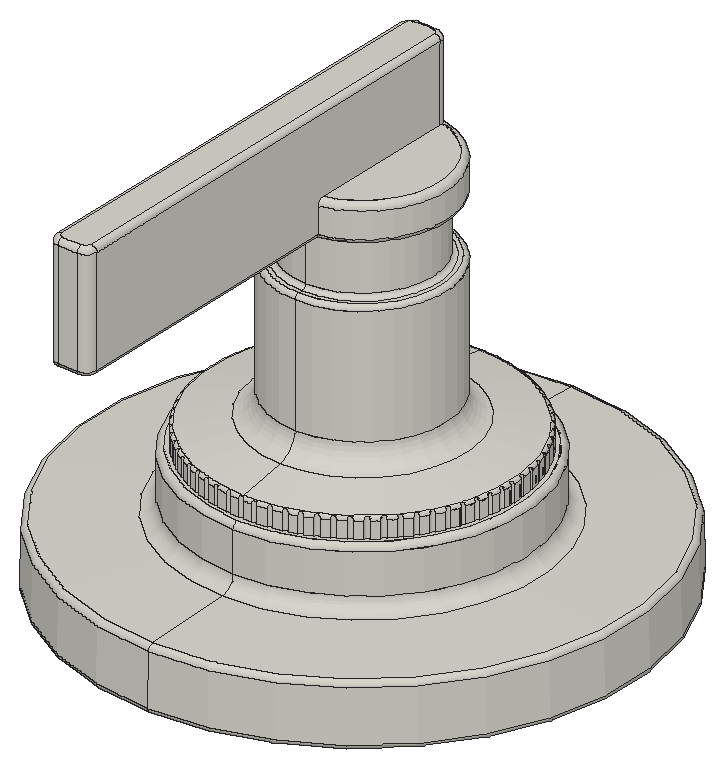
Revit family "Shower-Valve_Trim-KOHLER-Castia-K-T35921", category Specialty Equipment, host Face, Revit 2021
Family settings
  Host = Face
  Round Connector Dimension = Use Diameter
  Part Type = Normal
  OmniClass Number = 23.31.25.00
  OmniClass Title = Toilet and Bath Specialties
  Cut with Voids When Loaded = No
  Shared = No
  Room Calculation Point = No
Parameters (values of type "SN-Vibrant Polished Nickel")
  Width = 3 255/256"  # constant formula
  WaterSense Certified = 1 = 0  # no
  URL = "https://www.us.kohler.com/us/"
  Type = 5
  Product Page URL = "http://www.us.kohler.com/us/catalog/productDetails.jsp?productId=35921-4"
  Product Name = "Castia"  # constant formula
  Product Documentation Link = "https://www.us.kohler.com/webassets/kpna/catalog/pdf/en/K-35921-4_spec_US-CA_Kohler_en.pdf"
  Model = if(Type = 1, "K-T35921-4-CP", if(Type = 2, "K-T35921-4-BN", if(Type = 3, "K-T35921-4-BL", if(Type = 4, "K-T35921-4-2MB", if(Type = 5, "K-T35921-4-SN", "NA")))))  # "K-T35921-4-SN"
  Material = "Premium Metal Construction"  # constant formula
  Master Format 2014 Name = "Toilet, Bath, and Laundry Accessories"  # constant formula
  Master Format 2014 = "10 28 00"  # constant formula
  Manufacturer Address = "444 Highland Dr, Kohler, WI 53044"  # constant formula
  Manufacturer = "Kohler Co."  # constant formula
  Length = 3.47677"  # constant formula
  Height = 4 3/4"  # constant formula
  Handle Clearance = 2.83146"  # constant formula
  Finish = Kohler-Metal-SN-Vibrant_Polished_Nickel
  Environmental Product Declaration = ""
  Description = "Transfer/ Diverter Trim"  # constant formula
  Default Elevation = 42"
  Declare Label = ""
  Date Modified = "03/29/2023"  # constant formula
  Date Created = "03/29/2023"  # constant formula
  Copyright = "Copyright Kohler Co."  # constant formula
  Contact Us = "https://www.us.kohler.com/us/static/contact.jsp"
  Assembly Code = "C1030200"
  ADA Compliant = 1 = 0  # no
Reference planes (in)
  plane 1 "Center (Front/Back)": y = 0
  plane 2: z = 0
  plane 3 "Center (Left/Right)": x = 0
  plane 4: y = 1.99941
  plane 5: y = -1.99941
  plane 6: x = -1.99787
  plane 7: x = 1.99822
  plane 8: x = 0.15
  plane 9: x = -0.15
  plane 10: y = -0.62539
  plane 11: x = -0.62539
  plane 12: x = 0.62539
  plane 13: y = 0.18041
  plane 14: x = 0.5252
  plane 15: x = -0.5252
  plane 16: y = 0.08144
  plane 17: z = 3.0472
  plane 18: z = 0.9252
  plane 19: y = -0.5252
  plane 20: y = 0.5252
  plane 21: y = 1.1976
  plane 22: y = -1.1976
  plane 23: y = -2.75002
  plane 24: z = 3.47677
  plane 25: y = 0.6252
  plane 26: z = 2.61961
Dimensions and locks (in)
  "Width": plane 6 to plane 7
  plane 4 to plane 5 = 3.99882"  (x2)
  level to plane 18 = 0.9252"  (x2)
  plane 3 "Center (Left/Right)" to plane 6 = 1.99787"
  plane 6 to plane 7 = 3 255/256"
  plane 9 to plane 8 = 0.3"  (x2)
  plane 11 to plane 12 = 1.25079"
  plane 22 to plane 21 = 2.39519"
  "Handle Clearance": plane 16 to plane 23
  "Length": level to plane 24
  aligned and locked: plane 2 to host face
  aligned and locked: level to host face
  aligned and locked: plane 3 "Center (Left/Right)" to nested 1
  aligned and locked: plane 1 "Center (Front/Back)" to nested 1
Automatic sketch dimensions
  host sketch curve to host sketch curve = 96"  (x2)
Nested families (in)
  nested 1: "K-T35921" at (0, 0, 0), type "K-T35921"
Definition of nested family "K-T35921"
  Parameters
    Material = none
    Default Elevation = 0"
  Reference planes (in)
    plane 1 "Center (Front/Back)": y = 0
    plane 2: z = 0
    plane 3 "Center (Left/Right)": x = 0
    plane 4: x = -1.99941
    plane 5: x = 1.99941
    plane 6: y = 1.99941
    plane 7: y = -1.99941
    plane 8: z = 3.47677
    plane 9: x = -0.62539
    plane 10: x = 0.62539
    plane 11: x = 0.625
    plane 12: x = -0.625
    plane 13: x = -0.15
    plane 14: x = 0.15
    plane 15: x = -0.5252
    plane 16: x = 0.5252
    plane 17: y = -2.75
    plane 18: z = 2.61961
    plane 19: y = 0.6252
    plane 20: y = 0.5252
    plane 21: y = -0.5252
    plane 22: y = -0.62539
    plane 23: z = 0.9252
    plane 24: y = 0.18041
    plane 25: y = 0.08041
    plane 26: y = -1.99941
  Forms (in)
    Revolve 1, solid, material <- "Material", detail levels medium+fine
      sketch origin (0, 0, 0) x (0, 1, 0) y (0, 0, 1)
        loop
          line (1.99883, 0.03343) -> (1.99223, 0.41235)
          arc (1.99223, 0.41235) -> (1.98033, 0.44089) -> (1.9521, 0.45353) r 0.04195
          line (1.9521, 0.45353) -> (1.3039, 0.48163)
          arc (1.3039, 0.48163) -> (1.23335, 0.51357) -> (1.20449, 0.58543) r 0.1039
          line (1.20449, 0.58543) -> (1.20449, 0.88087)
          arc (1.20449, 0.88087) -> (1.19154, 0.91215) -> (1.16026, 0.9251) r 0.04423
          line (1.16026, 0.9251) -> (1.12467, 0.9251) -> (1.12467, 1.04575)
          arc (1.12467, 1.04575) -> (1.11914, 1.06093) -> (1.10515, 1.06901) r 0.02362
          line (1.10515, 1.06901) -> (0.76189, 1.12953)
          arc (0.76189, 1.12953) -> (0.6639, 1.18611) -> (0.6252, 1.29244) r 0.16542
          line (0.6252, 1.29244) -> (0.6252, 2.16493)
          arc (0.6252, 2.16493) -> (0.61551, 2.18831) -> (0.59212, 2.198) r 0.03307
          line (0.59212, 2.198) -> (0.55845, 2.198)
          arc (0.55845, 2.198) -> (0.53494, 2.20774) -> (0.5252, 2.23126) r 0.03326
          line (0.5252, 2.23126) -> (0.5252, 2.57232)
          arc (0.5252, 2.57232) -> (0.51848, 2.58855) -> (0.50225, 2.59527) r 0.02295
          line (0.50225, 2.59527) -> (0.4055, 2.59527) -> (0.3797, 2.62106) -> (0.60126, 2.62106)
          arc (0.60126, 2.62106) -> (0.61819, 2.62807) -> (0.6252, 2.645) r 0.02394
          line (0.6252, 2.645) -> (0.6252, 2.83713)
          arc (0.6252, 2.83713) -> (0.61175, 2.8696) -> (0.57928, 2.88305) r 0.04592
          line (0.57928, 2.88305) -> (0, 2.88305) -> (0, 0) -> (1.96597, 0)
          arc (1.96597, 0) -> (1.98941, 0.00983) -> (1.99883, 0.03343) r 0.03286
        axis (0, 2.88305) -> (0, 0)
      angle from 0 to 360
    Sweep 2, solid, material <- "Material", detail levels medium+fine
      path origin (0, -0.00431, -0.88925) x (1, 0, 0) y (0, 1, 0)
        loop
          line (-0.15, 0.54178) -> (-0.15, -2.66496)
          arc (-0.15, -2.66496) -> (-0.12694, -2.72064) -> (-0.07126, -2.7437) r 0.07874
          line (-0.07126, -2.7437) -> (0.07126, -2.7437)
          arc (0.07126, -2.7437) -> (0.12694, -2.72064) -> (0.15, -2.66496) r 0.07874
          line (0.15, -2.66496) -> (0.15, 0.54178)
          arc (0.15, 0.54178) -> (0.13061, 0.59352) -> (0.08199, 0.61978) r 0.07874
          arc (0.08199, 0.61978) -> (0, 0.62539) -> (-0.08199, 0.61978) r 0.60187
          arc (-0.08199, 0.61978) -> (-0.13061, 0.59352) -> (-0.15, 0.54178) r 0.07874
      profile origin (0, 0.62108, -0.88925) x (0, 1, 0) y (0, 0, 1)
        loop
          line (0, 3.53194) -> (0, 4.32332)
          arc (0, 4.32332) -> (-0.01153, 4.35116) -> (-0.03937, 4.36269) r 0.03937
          line (-0.03937, 4.36269) -> (-0.07611, 4.36269) -> (-0.07611, 3.51142) -> (-0.02052, 3.51142)
          arc (-0.02052, 3.51142) -> (-0.00601, 3.51743) -> (0, 3.53194) r 0.02052
    Extrusion 3, solid, material <- "Material", detail levels medium+fine
      sketch origin (0, -0.00431, -0.88925) x (1, 0, 0) y (0, 1, 0)
        loop
          arc (0.07389, 0.54407) -> (0, 0.54929) -> (-0.07389, 0.54407) r 0.52577
          line (-0.07389, 0.54407) -> (-0.07389, -2.6676) -> (0.07389, -2.6676) -> (0.07389, 0.54407)
      from 3.51142 to 4.36269
    Extrusion 4, void
      sketch origin (0, 0.00308, 0) x (1, 0, 0) y (0, 1, 0)
        loop
          circle (-0.00351, 1.12781) r 0.01969
      from 0.9251 to 1.26833
    Extrusion 5, void
      sketch origin (-0.00027, 0.00306, 0) x (0.996195, 0.087156, 0) y (-0.087156, 0.996195, 0)
        loop
          circle (-0.00351, 1.12781) r 0.01969
      from 0.9251 to 1.26833
    Extrusion 6, void
      sketch origin (-0.00053, 0.00303, 0) x (0.984808, 0.173648, 0) y (-0.173648, 0.984808, 0)
        loop
          circle (-0.00351, 1.12781) r 0.01969
      from 0.9251 to 1.26833
    Extrusion 7, void
      sketch origin (-0.0008, 0.00297, 0) x (0.965926, 0.258819, 0) y (-0.258819, 0.965926, 0)
        loop
          circle (-0.00351, 1.12781) r 0.01969
      from 0.9251 to 1.26833
    Extrusion 8, void
      sketch origin (-0.00105, 0.00289, 0) x (0.939693, 0.34202, 0) y (-0.34202, 0.939693, 0)
        loop
          circle (-0.00351, 1.12781) r 0.01969
      from 0.9251 to 1.26833
    Extrusion 9, void
      sketch origin (-0.0013, 0.00279, 0) x (0.906308, 0.422618, 0) y (-0.422618, 0.906308, 0)
        loop
          circle (-0.00351, 1.12781) r 0.01969
      from 0.9251 to 1.26833
    Extrusion 10, void
      sketch origin (-0.00154, 0.00266, 0) x (0.866025, 0.5, 0) y (-0.5, 0.866025, 0)
        loop
          circle (-0.00351, 1.12781) r 0.01969
      from 0.9251 to 1.26833
    Extrusion 11, void
      sketch origin (-0.00176, 0.00252, 0) x (0.819152, 0.573576, 0) y (-0.573576, 0.819152, 0)
        loop
          circle (-0.00351, 1.12781) r 0.01969
      from 0.9251 to 1.26833
    Extrusion 12, void
      sketch origin (-0.00198, 0.00236, 0) x (0.766044, 0.642788, 0) y (-0.642788, 0.766044, 0)
        loop
          circle (-0.00351, 1.12781) r 0.01969
      from 0.9251 to 1.26833
    Extrusion 13, void
      sketch origin (-0.00217, 0.00217, 0) x (0.707107, 0.707107, 0) y (-0.707107, 0.707107, 0)
        loop
          circle (-0.00351, 1.12781) r 0.01969
      from 0.9251 to 1.26833
    Extrusion 14, void
      sketch origin (-0.00236, 0.00198, 0) x (0.642788, 0.766044, 0) y (-0.766044, 0.642788, 0)
        loop
          circle (-0.00351, 1.12781) r 0.01969
      from 0.9251 to 1.26833
    Extrusion 15, void
      sketch origin (-0.00252, 0.00176, 0) x (0.573576, 0.819152, 0) y (-0.819152, 0.573576, 0)
        loop
          circle (-0.00351, 1.12781) r 0.01969
      from 0.9251 to 1.26833
    Extrusion 16, void
      sketch origin (-0.00266, 0.00154, 0) x (0.5, 0.866025, 0) y (-0.866025, 0.5, 0)
        loop
          circle (-0.00351, 1.12781) r 0.01969
      from 0.9251 to 1.26833
    Extrusion 17, void
      sketch origin (-0.00279, 0.0013, 0) x (0.422618, 0.906308, 0) y (-0.906308, 0.422618, 0)
        loop
          circle (-0.00351, 1.12781) r 0.01969
      from 0.9251 to 1.26833
    Extrusion 18, void
      sketch origin (-0.00289, 0.00105, 0) x (0.34202, 0.939693, 0) y (-0.939693, 0.34202, 0)
        loop
          circle (-0.00351, 1.12781) r 0.01969
      from 0.9251 to 1.26833
    Extrusion 19, void
      sketch origin (-0.00297, 0.0008, 0) x (0.258819, 0.965926, 0) y (-0.965926, 0.258819, 0)
        loop
          circle (-0.00351, 1.12781) r 0.01969
      from 0.9251 to 1.26833
    Extrusion 20, void
      sketch origin (-0.00303, 0.00053, 0) x (0.173648, 0.984808, 0) y (-0.984808, 0.173648, 0)
        loop
          circle (-0.00351, 1.12781) r 0.01969
      from 0.9251 to 1.26833
    Extrusion 21, void
      sketch origin (-0.00306, 0.00027, 0) x (0.087156, 0.996195, 0) y (-0.996195, 0.087156, 0)
        loop
          circle (-0.00351, 1.12781) r 0.01969
      from 0.9251 to 1.26833
    Extrusion 22, void
      sketch origin (-0.00308, 0, 0) x (0, 1, 0) y (-1, 0, 0)
        loop
          circle (-0.00351, 1.12781) r 0.01969
      from 0.9251 to 1.26833
    Extrusion 23, void
      sketch origin (0.00027, 0.00306, 0) x (-0.996195, 0.087156, 0) y (-0.087156, -0.996195, 0)
        loop
          circle (-0.00351, -1.12781) r 0.01969
      from 0.9251 to 1.26833
    Extrusion 24, void
      sketch origin (0.00053, 0.00303, 0) x (-0.984808, 0.173648, 0) y (-0.173648, -0.984808, 0)
        loop
          circle (-0.00351, -1.12781) r 0.01969
      from 0.9251 to 1.26833
    Extrusion 25, void
      sketch origin (0.0008, 0.00297, 0) x (-0.965926, 0.258819, 0) y (-0.258819, -0.965926, 0)
        loop
          circle (-0.00351, -1.12781) r 0.01969
      from 0.9251 to 1.26833
    Extrusion 26, void
      sketch origin (0.00105, 0.00289, 0) x (-0.939693, 0.34202, 0) y (-0.34202, -0.939693, 0)
        loop
          circle (-0.00351, -1.12781) r 0.01969
      from 0.9251 to 1.26833
    Extrusion 27, void
      sketch origin (0.0013, 0.00279, 0) x (-0.906308, 0.422618, 0) y (-0.422618, -0.906308, 0)
        loop
          circle (-0.00351, -1.12781) r 0.01969
      from 0.9251 to 1.26833
    Extrusion 28, void
      sketch origin (0.00154, 0.00266, 0) x (-0.866025, 0.5, 0) y (-0.5, -0.866025, 0)
        loop
          circle (-0.00351, -1.12781) r 0.01969
      from 0.9251 to 1.26833
    Extrusion 29, void
      sketch origin (0.00176, 0.00252, 0) x (-0.819152, 0.573576, 0) y (-0.573576, -0.819152, 0)
        loop
          circle (-0.00351, -1.12781) r 0.01969
      from 0.9251 to 1.26833
    Extrusion 30, void
      sketch origin (0.00198, 0.00236, 0) x (-0.766044, 0.642788, 0) y (-0.642788, -0.766044, 0)
        loop
          circle (-0.00351, -1.12781) r 0.01969
      from 0.9251 to 1.26833
    Extrusion 31, void
      sketch origin (0.00217, 0.00217, 0) x (-0.707107, 0.707107, 0) y (-0.707107, -0.707107, 0)
        loop
          circle (-0.00351, -1.12781) r 0.01969
      from 0.9251 to 1.26833
    Extrusion 32, void
      sketch origin (0.00236, 0.00198, 0) x (-0.642788, 0.766044, 0) y (-0.766044, -0.642788, 0)
        loop
          circle (-0.00351, -1.12781) r 0.01969
      from 0.9251 to 1.26833
    Extrusion 33, void
      sketch origin (0.00252, 0.00176, 0) x (-0.573576, 0.819152, 0) y (-0.819152, -0.573576, 0)
        loop
          circle (-0.00351, -1.12781) r 0.01969
      from 0.9251 to 1.26833
    Extrusion 34, void
      sketch origin (0.00266, 0.00154, 0) x (-0.5, 0.866025, 0) y (-0.866025, -0.5, 0)
        loop
          circle (-0.00351, -1.12781) r 0.01969
      from 0.9251 to 1.26833
    Extrusion 35, void
      sketch origin (0.00279, 0.0013, 0) x (-0.422618, 0.906308, 0) y (-0.906308, -0.422618, 0)
        loop
          circle (-0.00351, -1.12781) r 0.01969
      from 0.9251 to 1.26833
    Extrusion 36, void
      sketch origin (0.00289, 0.00105, 0) x (-0.34202, 0.939693, 0) y (-0.939693, -0.34202, 0)
        loop
          circle (-0.00351, -1.12781) r 0.01969
      from 0.9251 to 1.26833
    Extrusion 37, void
      sketch origin (0.00297, 0.0008, 0) x (-0.258819, 0.965926, 0) y (-0.965926, -0.258819, 0)
        loop
          circle (-0.00351, -1.12781) r 0.01969
      from 0.9251 to 1.26833
    Extrusion 38, void
      sketch origin (0.00303, 0.00053, 0) x (-0.173648, 0.984808, 0) y (-0.984808, -0.173648, 0)
        loop
          circle (-0.00351, -1.12781) r 0.01969
      from 0.9251 to 1.26833
    Extrusion 39, void
      sketch origin (0.00306, 0.00027, 0) x (-0.087156, 0.996195, 0) y (-0.996195, -0.087156, 0)
        loop
          circle (-0.00351, -1.12781) r 0.01969
      from 0.9251 to 1.26833
    Extrusion 40, void
      sketch origin (0.00308, 0, 0) x (0, 1, 0) y (-1, 0, 0)
        loop
          circle (-0.00351, -1.12781) r 0.01969
      from 0.9251 to 1.26833
    Extrusion 41, void
      sketch origin (0, -0.00308, 0) x (1, 0, 0) y (0, 1, 0)
        loop
          circle (-0.00351, -1.12781) r 0.01969
      from 0.9251 to 1.26833
    Extrusion 42, void
      sketch origin (-0.00027, -0.00306, 0) x (0.996195, -0.087156, 0) y (0.087156, 0.996195, 0)
        loop
          circle (-0.00351, -1.12781) r 0.01969
      from 0.9251 to 1.26833
    Extrusion 43, void
      sketch origin (-0.0013, -0.00279, 0) x (0.906308, -0.422618, 0) y (0.422618, 0.906308, 0)
        loop
          circle (-0.00351, -1.12781) r 0.01969
      from 0.9251 to 1.26833
    Extrusion 44, void
      sketch origin (-0.00154, -0.00266, 0) x (0.866025, -0.5, 0) y (0.5, 0.866025, 0)
        loop
          circle (-0.00351, -1.12781) r 0.01969
      from 0.9251 to 1.26833
    Extrusion 45, void
      sketch origin (-0.00176, -0.00252, 0) x (0.819152, -0.573576, 0) y (0.573576, 0.819152, 0)
        loop
          circle (-0.00351, -1.12781) r 0.01969
      from 0.9251 to 1.26833
    Extrusion 46, void
      sketch origin (-0.00198, -0.00236, 0) x (0.766044, -0.642788, 0) y (0.642788, 0.766044, 0)
        loop
          circle (-0.00351, -1.12781) r 0.01969
      from 0.9251 to 1.26833
    Extrusion 47, void
      sketch origin (-0.00217, -0.00217, 0) x (0.707107, -0.707107, 0) y (0.707107, 0.707107, 0)
        loop
          circle (-0.00351, -1.12781) r 0.01969
      from 0.9251 to 1.26833
    Extrusion 48, void
      sketch origin (-0.00236, -0.00198, 0) x (0.642788, -0.766044, 0) y (0.766044, 0.642788, 0)
        loop
          circle (-0.00351, -1.12781) r 0.01969
      from 0.9251 to 1.26833
    Extrusion 49, void
      sketch origin (-0.00252, -0.00176, 0) x (0.573576, -0.819152, 0) y (0.819152, 0.573576, 0)
        loop
          circle (-0.00351, -1.12781) r 0.01969
      from 0.9251 to 1.26833
    Extrusion 50, void
      sketch origin (-0.00266, -0.00154, 0) x (0.5, -0.866025, 0) y (0.866025, 0.5, 0)
        loop
          circle (-0.00351, -1.12781) r 0.01969
      from 0.9251 to 1.26833
    Extrusion 51, void
      sketch origin (-0.00279, -0.0013, 0) x (0.422618, -0.906308, 0) y (0.906308, 0.422618, 0)
        loop
          circle (-0.00351, -1.12781) r 0.01969
      from 0.9251 to 1.26833
    Extrusion 52, void
      sketch origin (-0.00289, -0.00105, 0) x (0.34202, -0.939693, 0) y (0.939693, 0.34202, 0)
        loop
          circle (-0.00351, -1.12781) r 0.01969
      from 0.9251 to 1.26833
    Extrusion 53, void
      sketch origin (-0.00297, -0.0008, 0) x (0.258819, -0.965926, 0) y (0.965926, 0.258819, 0)
        loop
          circle (-0.00351, -1.12781) r 0.01969
      from 0.9251 to 1.26833
    Extrusion 54, void
      sketch origin (-0.00303, -0.00053, 0) x (0.173648, -0.984808, 0) y (0.984808, 0.173648, 0)
        loop
          circle (-0.00351, -1.12781) r 0.01969
      from 0.9251 to 1.26833
    Extrusion 55, void
      sketch origin (-0.00306, -0.00027, 0) x (0.087156, -0.996195, 0) y (0.996195, 0.087156, 0)
        loop
          circle (-0.00351, -1.12781) r 0.01969
      from 0.9251 to 1.26833
    Extrusion 56, void
      sketch origin (0.00053, -0.00303, 0) x (-0.984808, -0.173648, 0) y (0.173648, -0.984808, 0)
        loop
          circle (-0.00351, 1.12781) r 0.01969
      from 0.9251 to 1.26833
    Extrusion 57, void
      sketch origin (0.0008, -0.00297, 0) x (-0.965926, -0.258819, 0) y (0.258819, -0.965926, 0)
        loop
          circle (-0.00351, 1.12781) r 0.01969
      from 0.9251 to 1.26833
    Extrusion 58, void
      sketch origin (0.00105, -0.00289, 0) x (-0.939693, -0.34202, 0) y (0.34202, -0.939693, 0)
        loop
          circle (-0.00351, 1.12781) r 0.01969
      from 0.9251 to 1.26833
    Extrusion 59, void
      sketch origin (0.0013, -0.00279, 0) x (-0.906308, -0.422618, 0) y (0.422618, -0.906308, 0)
        loop
          circle (-0.00351, 1.12781) r 0.01969
      from 0.9251 to 1.26833
    Extrusion 60, void
      sketch origin (0.00154, -0.00266, 0) x (-0.866025, -0.5, 0) y (0.5, -0.866025, 0)
        loop
          circle (-0.00351, 1.12781) r 0.01969
      from 0.9251 to 1.26833
    Extrusion 61, void
      sketch origin (0.00176, -0.00252, 0) x (-0.819152, -0.573576, 0) y (0.573576, -0.819152, 0)
        loop
          circle (-0.00351, 1.12781) r 0.01969
      from 0.9251 to 1.26833
    Extrusion 62, void
      sketch origin (0.00198, -0.00236, 0) x (-0.766044, -0.642788, 0) y (0.642788, -0.766044, 0)
        loop
          circle (-0.00351, 1.12781) r 0.01969
      from 0.9251 to 1.26833
    Extrusion 63, void
      sketch origin (0.00217, -0.00217, 0) x (-0.707107, -0.707107, 0) y (0.707107, -0.707107, 0)
        loop
          circle (-0.00351, 1.12781) r 0.01969
      from 0.9251 to 1.26833
    Extrusion 64, void
      sketch origin (0.00236, -0.00198, 0) x (-0.642788, -0.766044, 0) y (0.766044, -0.642788, 0)
        loop
          circle (-0.00351, 1.12781) r 0.01969
      from 0.9251 to 1.26833
    Extrusion 65, void
      sketch origin (0.00252, -0.00176, 0) x (-0.573576, -0.819152, 0) y (0.819152, -0.573576, 0)
        loop
          circle (-0.00351, 1.12781) r 0.01969
      from 0.9251 to 1.26833
    Extrusion 66, void
      sketch origin (0.00266, -0.00154, 0) x (-0.5, -0.866025, 0) y (0.866025, -0.5, 0)
        loop
          circle (-0.00351, 1.12781) r 0.01969
      from 0.9251 to 1.26833
    Extrusion 67, void
      sketch origin (0.00279, -0.0013, 0) x (-0.422618, -0.906308, 0) y (0.906308, -0.422618, 0)
        loop
          circle (-0.00351, 1.12781) r 0.01969
      from 0.9251 to 1.26833
    Extrusion 68, void
      sketch origin (0.00289, -0.00105, 0) x (-0.34202, -0.939693, 0) y (0.939693, -0.34202, 0)
        loop
          circle (-0.00351, 1.12781) r 0.01969
      from 0.9251 to 1.26833
    Extrusion 69, void
      sketch origin (0.00297, -0.0008, 0) x (-0.258819, -0.965926, 0) y (0.965926, -0.258819, 0)
        loop
          circle (-0.00351, 1.12781) r 0.01969
      from 0.9251 to 1.26833
    Extrusion 70, void
      sketch origin (0.00303, -0.00053, 0) x (-0.173648, -0.984808, 0) y (0.984808, -0.173648, 0)
        loop
          circle (-0.00351, 1.12781) r 0.01969
      from 0.9251 to 1.26833
    Extrusion 71, void
      sketch origin (0.00306, -0.00027, 0) x (-0.087156, -0.996195, 0) y (0.996195, -0.087156, 0)
        loop
          circle (-0.00351, 1.12781) r 0.01969
      from 0.9251 to 1.26833
    Extrusion 72, void
      sketch origin (-0.0008, -0.00297, 0) x (0.965926, -0.258819, 0) y (0.258819, 0.965926, 0)
        loop
          circle (-0.00351, -1.12781) r 0.01969
      from 0.9251 to 1.26833
    Extrusion 73, void
      sketch origin (-0.00105, -0.00289, 0) x (0.939693, -0.34202, 0) y (0.34202, 0.939693, 0)
        loop
          circle (-0.00351, -1.12781) r 0.01969
      from 0.9251 to 1.26833
    Extrusion 74, void
      sketch origin (0.09413, -0.00308, 0) x (1, 0, 0) y (0, 1, 0)
        loop
          circle (-0.00351, -1.12781) r 0.01969
      from 0.9251 to 1.26833
    Extrusion 75, void
      sketch origin (0.08713, -0.02682, 0) x (0.965926, -0.258819, 0) y (0.258819, 0.965926, 0)
        loop
          circle (-0.00351, -1.12781) r 0.01969
      from 0.9251 to 1.26833
    Revolve 76, solid, material <- "Material", detail levels coarse
      sketch origin (0, 0, 0) x (0, 1, 0) y (0, 0, 1)
        loop
          line (0, 0) -> (1.99941, 0) -> (1.99941, 0.41952)
          arc (1.99941, 0.41952) -> (1.98113, 0.46365) -> (1.93701, 0.48192) r 0.0624
          line (1.93701, 0.48192) -> (1.30887, 0.48192)
          arc (1.30887, 0.48192) -> (1.23019, 0.51452) -> (1.1976, 0.5932) r 0.11128
          line (1.1976, 0.5932) -> (1.1976, 0.90672)
          arc (1.1976, 0.90672) -> (1.18943, 0.92643) -> (1.16972, 0.9346) r 0.02788
          line (1.16972, 0.9346) -> (1.13686, 0.9346) -> (1.13686, 1.09755)
          arc (1.13686, 1.09755) -> (1.12693, 1.12152) -> (1.10296, 1.13145) r 0.0339
          line (1.10296, 1.13145) -> (0.78026, 1.13145)
          arc (0.78026, 1.13145) -> (0.67061, 1.17687) -> (0.6252, 1.28651) r 0.15506
          line (0.6252, 1.28651) -> (0.6252, 2.16817)
          arc (0.6252, 2.16817) -> (0.6171, 2.18773) -> (0.59754, 2.19583) r 0.02766
          line (0.59754, 2.19583) -> (0.56121, 2.19583)
          arc (0.56121, 2.19583) -> (0.53621, 2.20618) -> (0.52586, 2.23118) r 0.03535
          line (0.52586, 2.23118) -> (0.52586, 2.60106) -> (0.6252, 2.60106) -> (0.6252, 2.94301) -> (0, 2.94301) -> (0, 0)
        axis (0, 2.94301) -> (0, 0)
      angle from 0 to 360
    Extrusion 77, solid, material <- "Material", detail levels coarse
      sketch origin (0, 0, 0) x (1, 0, 0) y (0, 1, 0)
        loop
          line (-0.15, 0.53747) -> (-0.15, -2.66927)
          arc (-0.15, -2.66927) -> (-0.12694, -2.72495) -> (-0.07126, -2.74801) r 0.07874
          line (-0.07126, -2.74801) -> (0.07126, -2.74801)
          arc (0.07126, -2.74801) -> (0.12694, -2.72495) -> (0.15, -2.66927) r 0.07874
          line (0.15, -2.66927) -> (0.15, 0.53747)
          arc (0.15, 0.53747) -> (0.13061, 0.58921) -> (0.08199, 0.61547) r 0.07874
          arc (0.08199, 0.61547) -> (0, 0.62108) -> (-0.08199, 0.61547) r 0.60187
          arc (-0.08199, 0.61547) -> (-0.13061, 0.58921) -> (-0.15, 0.53747) r 0.07874
      from 2.60299 to 3.47423
  Cuts and joins
    joined: Sweep 2, Extrusion 3
    Extrusion 4, Extrusion 5, Extrusion 6, Extrusion 7, Extrusion 8, Extrusion 9, Extrusion 10, Extrusion 11, Extrusion 12, Extrusion 13, Extrusion 14, Extrusion 15, Extrusion 16, Extrusion 17, Extrusion 18, Extrusion 19, Extrusion 20, Extrusion 21, Extrusion 22, Extrusion 23, Extrusion 24, Extrusion 25, Extrusion 26, Extrusion 27, Extrusion 28, Extrusion 29, Extrusion 30, Extrusion 31, Extrusion 32, Extrusion 33, Extrusion 34, Extrusion 35, Extrusion 36, Extrusion 37, Extrusion 38, Extrusion 39, Extrusion 40, Extrusion 41, Extrusion 42, Extrusion 43, Extrusion 44, Extrusion 45, Extrusion 46, Extrusion 47, Extrusion 48, Extrusion 49, Extrusion 50, Extrusion 51, Extrusion 52, Extrusion 53, Extrusion 54, Extrusion 55, Extrusion 56, Extrusion 57, Extrusion 58, Extrusion 59, Extrusion 60, Extrusion 61, Extrusion 62, Extrusion 63, Extrusion 64, Extrusion 65, Extrusion 66, Extrusion 67, Extrusion 68, Extrusion 69, Extrusion 70, Extrusion 71, Extrusion 72, Extrusion 73, Extrusion 74, Extrusion 75 cuts Revolve 1
  Lines and regions (in)
    Masking region 1
      outline origin (0, 0, 0) x (1, 0, 0) y (0, 1, 0)
        loop
          arc (-0.11521, -2.74166) -> (0.00015, -2.75) -> (0.11545, -2.74092) r 0.768
          arc (0.11545, -2.74092) -> (0.14018, -2.72715) -> (0.15, -2.7006) r 0.04081
          line (0.15, -2.7006) -> (0.15, -1.99377)
          arc (0.15, -1.99377) -> (0, 1.99941) -> (-0.15, -1.99377) r 1.99941
          line (-0.15, -1.99377) -> (-0.15, -2.70131)
          arc (-0.15, -2.70131) -> (-0.1401, -2.72795) -> (-0.11521, -2.74166) r 0.04079
    Masking region 2
      outline origin (0, 0, 0) x (1, 0, 0) y (0, 0, 1)
        loop
          arc (-0.11197, 3.46893) -> (-0.13917, 3.45416) -> (-0.15, 3.42517) r 0.0442
          line (-0.15, 3.42517) -> (-0.15, 2.94186)
          arc (-0.15, 2.94186) -> (-0.16767, 2.89824) -> (-0.21072, 2.87922) r 0.06267
          line (-0.21072, 2.87922) -> (-0.58382, 2.86765)
          arc (-0.58382, 2.86765) -> (-0.61302, 2.85475) -> (-0.625, 2.82517) r 0.0425
          line (-0.625, 2.82517) -> (-0.625, 2.68076)
          arc (-0.625, 2.68076) -> (-0.60709, 2.63752) -> (-0.56385, 2.61961) r 0.06115
          line (-0.56385, 2.61961) -> (-0.40776, 2.61961) -> (-0.38566, 2.59752) -> (-0.50245, 2.59752)
          arc (-0.50245, 2.59752) -> (-0.51853, 2.59085) -> (-0.5252, 2.57477) r 0.02275
          line (-0.5252, 2.57477) -> (-0.5252, 2.22771)
          arc (-0.5252, 2.22771) -> (-0.53564, 2.20584) -> (-0.55819, 2.19697) r 0.03308
          line (-0.55819, 2.19697) -> (-0.5897, 2.19697)
          arc (-0.5897, 2.19697) -> (-0.61466, 2.18663) -> (-0.625, 2.16166) r 0.0353
          line (-0.625, 2.16166) -> (-0.62515, 1.28535)
          arc (-0.62515, 1.28535) -> (-0.66171, 1.1849) -> (-0.75428, 1.13145) r 0.15627
          line (-0.75428, 1.13145) -> (-1.09528, 1.07132)
          arc (-1.09528, 1.07132) -> (-1.11643, 1.05476) -> (-1.12443, 1.02911) r 0.04513
          line (-1.12443, 1.02911) -> (-1.12443, 0.9252) -> (-1.16667, 0.9252)
          arc (-1.16667, 0.9252) -> (-1.1889, 0.91144) -> (-1.1976, 0.88679) r 0.03931
          line (-1.1976, 0.88679) -> (-1.1976, 0.59333)
          arc (-1.1976, 0.59333) -> (-1.22537, 0.51656) -> (-1.2993, 0.48192) r 0.10666
          line (-1.2993, 0.48192) -> (-1.95552, 0.45205)
          arc (-1.95552, 0.45205) -> (-1.98209, 0.43553) -> (-1.99282, 0.40614) r 0.04795
          line (-1.99282, 0.40614) -> (-1.99941, 0.02862)
          arc (-1.99941, 0.02862) -> (-1.99135, 0.00841) -> (-1.97128, 0) r 0.02813
          line (-1.97128, 0) -> (1.97128, 0)
          arc (1.97128, 0) -> (1.99135, 0.00841) -> (1.99941, 0.02862) r 0.02813
          line (1.99941, 0.02862) -> (1.99282, 0.40614)
          arc (1.99282, 0.40614) -> (1.98209, 0.43553) -> (1.95552, 0.45205) r 0.04795
          line (1.95552, 0.45205) -> (1.2993, 0.48192)
          arc (1.2993, 0.48192) -> (1.22537, 0.51656) -> (1.1976, 0.59333) r 0.10666
          line (1.1976, 0.59333) -> (1.1976, 0.88679)
          arc (1.1976, 0.88679) -> (1.1889, 0.91144) -> (1.16667, 0.9252) r 0.03931
          line (1.16667, 0.9252) -> (1.12443, 0.9252) -> (1.12443, 1.02911)
          arc (1.12443, 1.02911) -> (1.11643, 1.05476) -> (1.09528, 1.07132) r 0.04513
          line (1.09528, 1.07132) -> (0.75428, 1.13145)
          arc (0.75428, 1.13145) -> (0.66171, 1.1849) -> (0.62515, 1.28535) r 0.15627
          line (0.62515, 1.28535) -> (0.625, 2.16166)
          arc (0.625, 2.16166) -> (0.61466, 2.18663) -> (0.5897, 2.19697) r 0.0353
          line (0.5897, 2.19697) -> (0.55819, 2.19697)
          arc (0.55819, 2.19697) -> (0.53564, 2.20584) -> (0.5252, 2.22771) r 0.03308
          line (0.5252, 2.22771) -> (0.5252, 2.57477)
          arc (0.5252, 2.57477) -> (0.51853, 2.59085) -> (0.50245, 2.59752) r 0.02275
          line (0.50245, 2.59752) -> (0.38566, 2.59752) -> (0.40776, 2.61961) -> (0.56385, 2.61961)
          arc (0.56385, 2.61961) -> (0.60709, 2.63752) -> (0.625, 2.68076) r 0.06115
          line (0.625, 2.68076) -> (0.625, 2.82517)
          arc (0.625, 2.82517) -> (0.61302, 2.85475) -> (0.58382, 2.86765) r 0.0425
          line (0.58382, 2.86765) -> (0.21072, 2.87922)
          arc (0.21072, 2.87922) -> (0.16767, 2.89824) -> (0.15, 2.94186) r 0.06267
          line (0.15, 2.94186) -> (0.15, 3.42517)
          arc (0.15, 3.42517) -> (0.13917, 3.45416) -> (0.11197, 3.46893) r 0.0442
          arc (0.11197, 3.46893) -> (-0.0013, 3.47677) -> (-0.11454, 3.4685) r 0.80026
    Masking region 3
      outline origin (0, 0, 0) x (0, 1, 0) y (0, 0, 1)
        loop
          line (1.99941, 0.02862) -> (1.99282, 0.40614)
          arc (1.99282, 0.40614) -> (1.98209, 0.43553) -> (1.95552, 0.45205) r 0.04795
          line (1.95552, 0.45205) -> (1.2993, 0.48192)
          arc (1.2993, 0.48192) -> (1.22537, 0.51656) -> (1.1976, 0.59333) r 0.10666
          line (1.1976, 0.59333) -> (1.1976, 0.88679)
          arc (1.1976, 0.88679) -> (1.1889, 0.91144) -> (1.16667, 0.9252) r 0.03931
          line (1.16667, 0.9252) -> (1.12443, 0.9252) -> (1.12443, 1.02911)
          arc (1.12443, 1.02911) -> (1.11643, 1.05476) -> (1.09528, 1.07132) r 0.04513
          line (1.09528, 1.07132) -> (0.75428, 1.13145)
          arc (0.75428, 1.13145) -> (0.66171, 1.1849) -> (0.62515, 1.28535) r 0.15627
          line (0.62515, 1.28535) -> (0.625, 2.16166)
          arc (0.625, 2.16166) -> (0.61466, 2.18663) -> (0.5897, 2.19697) r 0.0353
          line (0.5897, 2.19697) -> (0.55819, 2.19697)
          arc (0.55819, 2.19697) -> (0.53564, 2.20584) -> (0.5252, 2.22771) r 0.03308
          line (0.5252, 2.22771) -> (0.5252, 2.57477)
          arc (0.5252, 2.57477) -> (0.51853, 2.59085) -> (0.50245, 2.59752) r 0.02275
          line (0.50245, 2.59752) -> (0.38566, 2.59752) -> (0.40776, 2.61961) -> (0.56385, 2.61961)
          arc (0.56385, 2.61961) -> (0.60709, 2.63752) -> (0.625, 2.68076) r 0.06115
          line (0.625, 2.68076) -> (0.6252, 3.33224)
          arc (0.6252, 3.33224) -> (0.58286, 3.43444) -> (0.48066, 3.47677) r 0.14453
          line (0.48066, 3.47677) -> (-2.60573, 3.47677)
          arc (-2.60573, 3.47677) -> (-2.70775, 3.43452) -> (-2.75, 3.3325) r 0.14427
          line (-2.75, 3.3325) -> (-2.75, 2.76189)
          arc (-2.75, 2.76189) -> (-2.71158, 2.66913) -> (-2.61882, 2.63071) r 0.13118
          line (-2.61882, 2.63071) -> (-0.6463, 2.63071) -> (-0.56385, 2.61961) -> (-0.40776, 2.61961) -> (-0.38566, 2.59752) -> (-0.50245, 2.59752)
          arc (-0.50245, 2.59752) -> (-0.51853, 2.59085) -> (-0.5252, 2.57477) r 0.02275
          line (-0.5252, 2.57477) -> (-0.5252, 2.22771)
          arc (-0.5252, 2.22771) -> (-0.53564, 2.20584) -> (-0.55819, 2.19697) r 0.03308
          line (-0.55819, 2.19697) -> (-0.5897, 2.19697)
          arc (-0.5897, 2.19697) -> (-0.61466, 2.18663) -> (-0.625, 2.16166) r 0.0353
          line (-0.625, 2.16166) -> (-0.625, 1.28535)
          arc (-0.625, 1.28535) -> (-0.66171, 1.1849) -> (-0.75428, 1.13145) r 0.15627
          line (-0.75428, 1.13145) -> (-1.09528, 1.07132)
          arc (-1.09528, 1.07132) -> (-1.11643, 1.05476) -> (-1.12443, 1.02911) r 0.04513
          line (-1.12443, 1.02911) -> (-1.12443, 0.9252) -> (-1.16667, 0.9252)
          arc (-1.16667, 0.9252) -> (-1.1889, 0.91144) -> (-1.1976, 0.88679) r 0.03931
          line (-1.1976, 0.88679) -> (-1.1976, 0.59333)
          arc (-1.1976, 0.59333) -> (-1.22537, 0.51656) -> (-1.2993, 0.48192) r 0.10666
          line (-1.2993, 0.48192) -> (-1.95552, 0.45205)
          arc (-1.95552, 0.45205) -> (-1.98209, 0.43553) -> (-1.99282, 0.40614) r 0.04795
          line (-1.99282, 0.40614) -> (-1.99941, 0.02862)
          arc (-1.99941, 0.02862) -> (-1.99135, 0.00841) -> (-1.97128, 0) r 0.02813
          line (-1.97128, 0) -> (1.97128, 0)
          arc (1.97128, 0) -> (1.99135, 0.00841) -> (1.99941, 0.02862) r 0.02813
    symbolic lines, detail levels medium+fine
      curve 1: arc (0.15, -1.29465, 0) -> (0, 1.30331, 0) -> (-0.15, -1.29465, 0) r 1.30331
      curve 2: arc (0.15, -1.20443, 0) -> (0, 1.21373, 0) -> (-0.15, -1.20443, 0) r 1.21373
      curve 3: arc (0.15, -1.18867, 0) -> (0, 1.1981, 0) -> (-0.15, -1.18867, 0) r 1.1981
      curve 4: arc (0.15, -1.13691, 0) -> (0, 1.14677, 0) -> (-0.15, -1.13691, 0) r 1.14677
      curve 5: arc (0.15, -1.07927, 0) -> (0, 1.08964, 0) -> (-0.15, -1.07927, 0) r 1.08964
      curve 6: arc (0.12069, 0.61364, 0) -> (0.00818, 0.62534, 0) -> (-0.1046, 0.61658, 0) r 0.62539
      curve 7: arc (-0.15, 0.57118, 0) -> (-0.59055, 0, 0) -> (-0.15, -0.57118, 0) r 0.59055
      curve 8: arc (-1.12289, 0.03143, 0) -> (-1.09686, -0.00254, 0) -> (-1.12289, -0.03652, 0) r 0.03519
      curve 9: line (-1.12289, 0.03143, 0) -> (-1.12289, 0.06293, 0)
      curve 10: line (-1.12289, -0.03652, 0) -> (-1.12289, -0.06802, 0)
      curve 11: arc (-1.12289, -0.06802, 0) -> (-1.0964, -0.10184, 0) -> (-1.12289, -0.13565, 0) r 0.03483
      curve 12: arc (-1.1155, -0.1708, 0) -> (-1.07489, -0.19408, 0) -> (-1.09334, -0.23711, 0) r 0.03519
      curve 13: line (-1.09334, -0.23711, 0) -> (-1.08787, -0.26812, 0)
      curve 14: arc (-1.08787, -0.26812, 0) -> (-1.05613, -0.29568, 0) -> (-1.07402, -0.33372, 0) r 0.03483
      curve 15: line (-1.12289, -0.13565, 0) -> (-1.1155, -0.1708, 0)
      curve 16: arc (-1.06288, -0.36354, 0) -> (-1.0266, -0.38627, 0) -> (-1.03909, -0.4272, 0) r 0.03519
      curve 17: line (-1.06288, -0.36354, 0) -> (-1.07402, -0.33372, 0)
      curve 18: line (-1.03909, -0.4272, 0) -> (-1.02807, -0.45671, 0)
      curve 19: arc (-1.02807, -0.45671, 0) -> (-0.99142, -0.47912, 0) -> (-1.0044, -0.52007, 0) r 0.03483
      curve 20: arc (-0.98518, -0.5504, 0) -> (-0.93898, -0.558, 0) -> (-0.94121, -0.60476, 0) r 0.03519
      curve 21: line (-0.94121, -0.60476, 0) -> (-0.92523, -0.6319, 0)
      curve 22: arc (-0.92523, -0.6319, 0) -> (-0.88585, -0.64661, 0) -> (-0.8893, -0.6885, 0) r 0.03483
      curve 23: line (-1.0044, -0.52007, 0) -> (-0.98518, -0.5504, 0)
      curve 24: arc (-0.86842, -0.71254, 0) -> (-0.82649, -0.72113, 0) -> (-0.82386, -0.76385, 0) r 0.03519
      curve 25: line (-0.86842, -0.71254, 0) -> (-0.8893, -0.6885, 0)
      curve 26: line (-0.82386, -0.76385, 0) -> (-0.80321, -0.78763, 0)
      curve 27: arc (-0.80321, -0.78763, 0) -> (-0.76103, -0.79579, 0) -> (-0.75886, -0.8387, 0) r 0.03483
      curve 28: arc (-0.73024, -0.86039, 0) -> (-0.68431, -0.85133, 0) -> (-0.67003, -0.89592, 0) r 0.03519
      curve 29: line (-0.67003, -0.89592, 0) -> (-0.64556, -0.91575, 0)
      curve 30: arc (-0.64556, -0.91575, 0) -> (-0.60353, -0.91575, 0) -> (-0.59209, -0.95619, 0) r 0.03483
      curve 31: line (-0.75886, -0.8387, 0) -> (-0.73024, -0.86039, 0)
      curve 32: arc (-0.56412, -0.97141, 0) -> (-0.52184, -0.96478, 0) -> (-0.50442, -1.00388, 0) r 0.03519
      curve 33: line (-0.56412, -0.97141, 0) -> (-0.59209, -0.95619, 0)
      curve 34: line (-0.50442, -1.00388, 0) -> (-0.47676, -1.01893, 0)
      curve 35: arc (-0.47676, -1.01893, 0) -> (-0.43439, -1.01181, 0) -> (-0.41734, -1.05124, 0) r 0.03483
      curve 36: arc (-0.38294, -1.06154, 0) -> (-0.34308, -1.03699, 0) -> (-0.3141, -1.07375, 0) r 0.03519
      curve 37: line (-0.3141, -1.07375, 0) -> (-0.28423, -1.08377, 0)
      curve 38: arc (-0.28423, -1.08377, 0) -> (-0.24375, -1.06941, 0) -> (-0.22011, -1.10528, 0) r 0.03483
      curve 39: line (-0.41734, -1.05124, 0) -> (-0.38294, -1.06154, 0)
      curve 40: line (-0.22011, -1.10528, 0) -> (-0.15, -1.10528, 0)
      curve 41: arc (1.12289, 0.03143, 0) -> (1.09686, -0.00254, 0) -> (1.12289, -0.03652, 0) r 0.03519
      curve 42: line (1.12289, 0.03143, 0) -> (1.12289, 0.06293, 0)
      curve 43: line (1.12289, -0.03652, 0) -> (1.12289, -0.06802, 0)
      curve 44: arc (1.12289, -0.06802, 0) -> (1.0964, -0.10184, 0) -> (1.12289, -0.13565, 0) r 0.03483
      curve 45: arc (1.1155, -0.1708, 0) -> (1.07489, -0.19408, 0) -> (1.09334, -0.23711, 0) r 0.03519
      curve 46: line (1.09334, -0.23711, 0) -> (1.08787, -0.26812, 0)
      curve 47: arc (1.08787, -0.26812, 0) -> (1.05613, -0.29568, 0) -> (1.07402, -0.33372, 0) r 0.03483
      curve 48: line (1.12289, -0.13565, 0) -> (1.1155, -0.1708, 0)
      curve 49: arc (1.06288, -0.36354, 0) -> (1.0266, -0.38627, 0) -> (1.03909, -0.4272, 0) r 0.03519
      curve 50: line (1.06288, -0.36354, 0) -> (1.07402, -0.33372, 0)
      curve 51: line (1.03909, -0.4272, 0) -> (1.02807, -0.45671, 0)
      curve 52: arc (1.02807, -0.45671, 0) -> (0.99142, -0.47912, 0) -> (1.0044, -0.52007, 0) r 0.03483
      curve 53: arc (0.98518, -0.5504, 0) -> (0.93898, -0.558, 0) -> (0.94121, -0.60476, 0) r 0.03519
      curve 54: line (0.94121, -0.60476, 0) -> (0.92523, -0.6319, 0)
      curve 55: arc (0.92523, -0.6319, 0) -> (0.88585, -0.64661, 0) -> (0.8893, -0.6885, 0) r 0.03483
      curve 56: line (1.0044, -0.52007, 0) -> (0.98518, -0.5504, 0)
      curve 57: arc (0.86842, -0.71254, 0) -> (0.82649, -0.72113, 0) -> (0.82386, -0.76385, 0) r 0.03519
      curve 58: line (0.86842, -0.71254, 0) -> (0.8893, -0.6885, 0)
      curve 59: line (0.82386, -0.76385, 0) -> (0.80321, -0.78763, 0)
      curve 60: arc (0.80321, -0.78763, 0) -> (0.76103, -0.79579, 0) -> (0.75886, -0.8387, 0) r 0.03483
      curve 61: arc (0.73024, -0.86039, 0) -> (0.68431, -0.85133, 0) -> (0.67003, -0.89592, 0) r 0.03519
      curve 62: line (0.67003, -0.89592, 0) -> (0.64556, -0.91575, 0)
      curve 63: arc (0.64556, -0.91575, 0) -> (0.60353, -0.91575, 0) -> (0.59209, -0.95619, 0) r 0.03483
      curve 64: line (0.75886, -0.8387, 0) -> (0.73024, -0.86039, 0)
      curve 65: arc (0.56412, -0.97141, 0) -> (0.52184, -0.96478, 0) -> (0.50442, -1.00388, 0) r 0.03519
      curve 66: line (0.56412, -0.97141, 0) -> (0.59209, -0.95619, 0)
      curve 67: line (0.50442, -1.00388, 0) -> (0.47676, -1.01893, 0)
      curve 68: arc (0.47676, -1.01893, 0) -> (0.43439, -1.01181, 0) -> (0.41734, -1.05124, 0) r 0.03483
      curve 69: arc (0.38294, -1.06154, 0) -> (0.34308, -1.03699, 0) -> (0.3141, -1.07375, 0) r 0.03519
      curve 70: line (0.3141, -1.07375, 0) -> (0.28423, -1.08377, 0)
      curve 71: arc (0.28423, -1.08377, 0) -> (0.24375, -1.06941, 0) -> (0.22011, -1.10528, 0) r 0.03483
      curve 72: line (0.41734, -1.05124, 0) -> (0.38294, -1.06154, 0)
      curve 73: line (0.22011, -1.10528, 0) -> (0.15, -1.10528, 0)
      curve 74: arc (-1.12289, -0.03143, 0) -> (-1.09686, 0.00254, 0) -> (-1.12289, 0.03652, 0) r 0.03519
      curve 75: line (-1.12289, -0.03143, 0) -> (-1.12289, -0.06293, 0)
      curve 76: line (-1.12289, 0.03652, 0) -> (-1.12289, 0.06802, 0)
      curve 77: arc (-1.12289, 0.06802, 0) -> (-1.0964, 0.10184, 0) -> (-1.12289, 0.13565, 0) r 0.03483
      curve 78: arc (-1.1155, 0.1708, 0) -> (-1.07489, 0.19408, 0) -> (-1.09334, 0.23711, 0) r 0.03519
      curve 79: line (-1.09334, 0.23711, 0) -> (-1.08787, 0.26812, 0)
      curve 80: arc (-1.08787, 0.26812, 0) -> (-1.05613, 0.29568, 0) -> (-1.07402, 0.33372, 0) r 0.03483
      curve 81: line (-1.12289, 0.13565, 0) -> (-1.1155, 0.1708, 0)
      curve 82: arc (-1.06288, 0.36354, 0) -> (-1.0266, 0.38627, 0) -> (-1.03909, 0.4272, 0) r 0.03519
      curve 83: line (-1.06288, 0.36354, 0) -> (-1.07402, 0.33372, 0)
      curve 84: line (-1.03909, 0.4272, 0) -> (-1.02807, 0.45671, 0)
      curve 85: arc (-1.02807, 0.45671, 0) -> (-0.99142, 0.47912, 0) -> (-1.0044, 0.52007, 0) r 0.03483
      curve 86: arc (-0.98518, 0.5504, 0) -> (-0.93898, 0.558, 0) -> (-0.94121, 0.60476, 0) r 0.03519
      curve 87: line (-0.94121, 0.60476, 0) -> (-0.92523, 0.6319, 0)
      curve 88: arc (-0.92523, 0.6319, 0) -> (-0.88585, 0.64661, 0) -> (-0.8893, 0.6885, 0) r 0.03483
      curve 89: line (-1.0044, 0.52007, 0) -> (-0.98518, 0.5504, 0)
      curve 90: arc (-0.86842, 0.71254, 0) -> (-0.82649, 0.72113, 0) -> (-0.82386, 0.76385, 0) r 0.03519
      curve 91: line (-0.86842, 0.71254, 0) -> (-0.8893, 0.6885, 0)
      curve 92: line (-0.82386, 0.76385, 0) -> (-0.80321, 0.78763, 0)
      curve 93: arc (-0.80321, 0.78763, 0) -> (-0.76103, 0.79579, 0) -> (-0.75886, 0.8387, 0) r 0.03483
      curve 94: arc (-0.73024, 0.86039, 0) -> (-0.68431, 0.85133, 0) -> (-0.67003, 0.89592, 0) r 0.03519
      curve 95: line (-0.67003, 0.89592, 0) -> (-0.64556, 0.91575, 0)
      curve 96: arc (-0.64556, 0.91575, 0) -> (-0.60353, 0.91575, 0) -> (-0.59209, 0.95619, 0) r 0.03483
      curve 97: line (-0.75886, 0.8387, 0) -> (-0.73024, 0.86039, 0)
      curve 98: arc (-0.56412, 0.97141, 0) -> (-0.52184, 0.96478, 0) -> (-0.50442, 1.00388, 0) r 0.03519
      curve 99: line (-0.56412, 0.97141, 0) -> (-0.59209, 0.95619, 0)
      curve 100: line (-0.50442, 1.00388, 0) -> (-0.47676, 1.01893, 0)
      curve 101: arc (-0.47676, 1.01893, 0) -> (-0.43439, 1.01181, 0) -> (-0.41734, 1.05124, 0) r 0.03483
      curve 102: arc (-0.38294, 1.06154, 0) -> (-0.34308, 1.03699, 0) -> (-0.3141, 1.07375, 0) r 0.03519
      curve 103: line (-0.3141, 1.07375, 0) -> (-0.28423, 1.08377, 0)
      curve 104: arc (-0.28423, 1.08377, 0) -> (-0.24545, 1.06888, 0) -> (-0.22, 1.10171, 0) r 0.03483
      curve 105: line (-0.41734, 1.05124, 0) -> (-0.38294, 1.06154, 0)
      curve 106: arc (1.12289, -0.03143, 0) -> (1.09686, 0.00254, 0) -> (1.12289, 0.03652, 0) r 0.03519
      curve 107: line (1.12289, -0.03143, 0) -> (1.12289, -0.06293, 0)
      curve 108: line (1.12289, 0.03652, 0) -> (1.12289, 0.06802, 0)
      curve 109: arc (1.12289, 0.06802, 0) -> (1.0964, 0.10184, 0) -> (1.12289, 0.13565, 0) r 0.03483
      curve 110: arc (1.1155, 0.1708, 0) -> (1.07489, 0.19408, 0) -> (1.09334, 0.23711, 0) r 0.03519
      curve 111: line (1.09334, 0.23711, 0) -> (1.08787, 0.26812, 0)
      curve 112: arc (1.08787, 0.26812, 0) -> (1.05613, 0.29568, 0) -> (1.07402, 0.33372, 0) r 0.03483
      curve 113: line (1.12289, 0.13565, 0) -> (1.1155, 0.1708, 0)
      curve 114: arc (1.06288, 0.36354, 0) -> (1.0266, 0.38627, 0) -> (1.03909, 0.4272, 0) r 0.03519
      curve 115: line (1.06288, 0.36354, 0) -> (1.07402, 0.33372, 0)
      curve 116: line (1.03909, 0.4272, 0) -> (1.02807, 0.45671, 0)
      curve 117: arc (1.02807, 0.45671, 0) -> (0.99142, 0.47912, 0) -> (1.0044, 0.52007, 0) r 0.03483
      curve 118: arc (0.98518, 0.5504, 0) -> (0.93898, 0.558, 0) -> (0.94121, 0.60476, 0) r 0.03519
      curve 119: line (0.94121, 0.60476, 0) -> (0.92523, 0.6319, 0)
      curve 120: arc (0.92523, 0.6319, 0) -> (0.88585, 0.64661, 0) -> (0.8893, 0.6885, 0) r 0.03483
      curve 121: line (1.0044, 0.52007, 0) -> (0.98518, 0.5504, 0)
      curve 122: arc (0.86842, 0.71254, 0) -> (0.82649, 0.72113, 0) -> (0.82386, 0.76385, 0) r 0.03519
      curve 123: line (0.86842, 0.71254, 0) -> (0.8893, 0.6885, 0)
      curve 124: line (0.82386, 0.76385, 0) -> (0.80321, 0.78763, 0)
      curve 125: arc (0.80321, 0.78763, 0) -> (0.76103, 0.79579, 0) -> (0.75886, 0.8387, 0) r 0.03483
      curve 126: arc (0.73024, 0.86039, 0) -> (0.68431, 0.85133, 0) -> (0.67003, 0.89592, 0) r 0.03519
      curve 127: line (0.67003, 0.89592, 0) -> (0.64556, 0.91575, 0)
      curve 128: arc (0.64556, 0.91575, 0) -> (0.60353, 0.91575, 0) -> (0.59209, 0.95619, 0) r 0.03483
      curve 129: line (0.75886, 0.8387, 0) -> (0.73024, 0.86039, 0)
      curve 130: arc (0.56412, 0.97141, 0) -> (0.52184, 0.96478, 0) -> (0.50442, 1.00388, 0) r 0.03519
      curve 131: line (0.56412, 0.97141, 0) -> (0.59209, 0.95619, 0)
      curve 132: line (0.50442, 1.00388, 0) -> (0.47676, 1.01893, 0)
      curve 133: arc (0.47676, 1.01893, 0) -> (0.43439, 1.01181, 0) -> (0.41734, 1.05124, 0) r 0.03483
      curve 134: arc (0.38294, 1.06154, 0) -> (0.34308, 1.03699, 0) -> (0.3141, 1.07375, 0) r 0.03519
      curve 135: line (0.3141, 1.07375, 0) -> (0.28423, 1.08377, 0)
      curve 136: arc (0.28423, 1.08377, 0) -> (0.24166, 1.07018, 0) -> (0.22076, 1.10968, 0) r 0.03483
      curve 137: line (0.41734, 1.05124, 0) -> (0.38294, 1.06154, 0)
      curve 138: line (-0.15, 0.57118, 0) -> (-0.15, -1.99377, 0)
      curve 139: line (0.15, 0.57118, 0) -> (0.15, -1.99377, 0)
      curve 140: arc (-0.1046, 0.61658, 0) -> (-0.62496, 0.02319, 0) -> (-0.15, -0.60714, 0) r 0.62539
      curve 141: arc (0.12069, 0.61364, 0) -> (0.14196, 0.59698, 0) -> (0.15, 0.57118, 0) r 0.0454
      curve 142: arc (-0.12069, 0.61364, 0) -> (-0.14196, 0.59698, 0) -> (-0.15, 0.57118, 0) r 0.0454
      curve 143: arc (0.15, -0.60714, 0) -> (0.62521, 0.01501, 0) -> (0.12069, 0.61364, 0) r 0.62539
      curve 144: arc (0.15, -0.57118, 0) -> (0.59055, 0, 0) -> (0.15, 0.57118, 0) r 0.59055
      curve 145: arc (0.15, -1.94158, 0) -> (0, 1.94737, 0) -> (-0.15, -1.94158, 0) r 1.94737
      curve 146: line (-0.12069, 0.61364, 0) -> (-0.12069, -2.74045, 0)
      curve 147: line (0.12069, 0.61364, 0) -> (0.12069, -2.73976, 0)
      curve 148: line (0.15, -2.57829, 0) -> (-0.15, -2.57829, 0)
      curve 149: line (-0.15, 0.46953, 0) -> (0.15, 0.46953, 0)
      curve 150: line (0.11197, 0, 3.46893) -> (0.11197, 0, 2.94346)
      curve 151: arc (0.11197, 0, 2.94346) -> (0.1408, 0, 2.86816) -> (0.21254, 0, 2.83137) r 0.11275
      curve 152: line (0.21254, 0, 2.83137) -> (0.625, 0, 2.82517)
      curve 153: line (-0.11197, 0, 3.46886) -> (-0.11197, 0, 2.94346)
      curve 154: arc (-0.11197, 0, 2.94346) -> (-0.1408, 0, 2.86816) -> (-0.21254, 0, 2.83137) r 0.11275
      curve 155: line (-0.21254, 0, 2.83137) -> (-0.625, 0, 2.82517)
      curve 156: line (0.625, 0, 2.68076) -> (-0.625, 0, 2.68076)
      curve 157: line (0.40776, 0, 2.61961) -> (-0.40776, 0, 2.61961)
      curve 158: line (-0.38566, 0, 2.59752) -> (0.38566, 0, 2.59752)
      curve 159: line (0.5252, 0, 2.57477) -> (-0.5252, 0, 2.57477)
      curve 160: line (0.5252, 0, 2.22771) -> (-0.5252, 0, 2.22771)
      curve 161: line (-0.55819, 0, 2.19697) -> (0.55819, 0, 2.19697)
      curve 162: line (-0.75428, 0, 1.13145) -> (0.75428, 0, 1.13145)
      curve 163: line (1.09528, 0, 1.07132) -> (-1.09528, 0, 1.07132)
      curve 164: line (1.12443, 0, 1.02911) -> (-1.12443, 0, 1.02911)
      curve 165: line (1.12443, 0, 0.9252) -> (-1.12443, 0, 0.9252)
      curve 166: line (1.1976, 0, 0.88679) -> (-1.1976, 0, 0.88679)
      curve 167: line (1.1976, 0, 0.59333) -> (-1.1976, 0, 0.59333)
      curve 168: line (1.2993, 0, 0.48192) -> (-1.2993, 0, 0.48192)
      curve 169: line (1.99282, 0, 0.40614) -> (-1.99282, 0, 0.40614)
      curve 170: line (-1.95552, 0, 0.45205) -> (1.95552, 0, 0.45205)
      curve 171: line (1.99941, 0, 0.02862) -> (-1.99941, 0, 0.02862)
      curve 172: line (1.09839, 0, 1.02911) -> (1.09839, 0, 0.9252)
      curve 173: line (1.08626, 0, 1.02911) -> (1.08626, 0, 0.9252)
      curve 174: line (1.07477, 0, 1.02911) -> (1.07477, 0, 0.9252)
      curve 175: line (1.06264, 0, 1.02911) -> (1.06264, 0, 0.9252)
      curve 176: line (1.05115, 0, 1.02911) -> (1.05115, 0, 0.9252)
      curve 177: line (1.03902, 0, 1.02911) -> (1.03902, 0, 0.9252)
      curve 178: line (1.02753, 0, 1.02911) -> (1.02753, 0, 0.9252)
      curve 179: line (1.01539, 0, 1.02911) -> (1.01539, 0, 0.9252)
      curve 180: line (1.00391, 0, 1.02911) -> (1.00391, 0, 0.9252)
      curve 181: line (0.99177, 0, 1.02911) -> (0.99177, 0, 0.9252)
      curve 182: line (0.98028, 0, 1.02911) -> (0.98028, 0, 0.9252)
      curve 183: line (0.96815, 0, 1.02911) -> (0.96815, 0, 0.9252)
      curve 184: line (0.95666, 0, 1.02911) -> (0.95666, 0, 0.9252)
      curve 185: line (0.94453, 0, 1.02911) -> (0.94453, 0, 0.9252)
      curve 186: line (0.93304, 0, 1.02911) -> (0.93304, 0, 0.9252)
      curve 187: line (0.92091, 0, 1.02911) -> (0.92091, 0, 0.9252)
      curve 188: line (0.90942, 0, 1.02911) -> (0.90942, 0, 0.9252)
      curve 189: line (0.89728, 0, 1.02911) -> (0.89728, 0, 0.9252)
      curve 190: line (0.8858, 0, 1.02911) -> (0.8858, 0, 0.9252)
      curve 191: line (0.87366, 0, 1.02911) -> (0.87366, 0, 0.9252)
      curve 192: line (0.85445, 0, 1.02911) -> (0.85445, 0, 0.9252)
      curve 193: line (0.84231, 0, 1.02911) -> (0.84231, 0, 0.9252)
      curve 194: line (0.83082, 0, 1.02911) -> (0.83082, 0, 0.9252)
      curve 195: line (0.81869, 0, 1.02911) -> (0.81869, 0, 0.9252)
      curve 196: line (0.8072, 0, 1.02911) -> (0.8072, 0, 0.9252)
      curve 197: line (0.79507, 0, 1.02911) -> (0.79507, 0, 0.9252)
      curve 198: line (0.78358, 0, 1.02911) -> (0.78358, 0, 0.9252)
      curve 199: line (0.77145, 0, 1.02911) -> (0.77145, 0, 0.9252)
      curve 200: line (0.75996, 0, 1.02911) -> (0.75996, 0, 0.9252)
      curve 201: line (0.74782, 0, 1.02911) -> (0.74782, 0, 0.9252)
      curve 202: line (0.73634, 0, 1.02911) -> (0.73634, 0, 0.9252)
      curve 203: line (0.7242, 0, 1.02911) -> (0.7242, 0, 0.9252)
      curve 204: line (0.71271, 0, 1.02911) -> (0.71271, 0, 0.9252)
      curve 205: line (0.70058, 0, 1.02911) -> (0.70058, 0, 0.9252)
      curve 206: line (0.68909, 0, 1.02911) -> (0.68909, 0, 0.9252)
      curve 207: line (0.67696, 0, 1.02911) -> (0.67696, 0, 0.9252)
      curve 208: line (0.66547, 0, 1.02911) -> (0.66547, 0, 0.9252)
      curve 209: line (0.65334, 0, 1.02911) -> (0.65334, 0, 0.9252)
      curve 210: line (0.64185, 0, 1.02911) -> (0.64185, 0, 0.9252)
      curve 211: line (0.62971, 0, 1.02911) -> (0.62971, 0, 0.9252)
      curve 212: line (0.61286, 0, 1.02911) -> (0.61286, 0, 0.9252)
      curve 213: line (0.60073, 0, 1.02911) -> (0.60073, 0, 0.9252)
      curve 214: line (0.58924, 0, 1.02911) -> (0.58924, 0, 0.9252)
      curve 215: line (0.5771, 0, 1.02911) -> (0.5771, 0, 0.9252)
      curve 216: line (0.56562, 0, 1.02911) -> (0.56562, 0, 0.9252)
      curve 217: line (0.55348, 0, 1.02911) -> (0.55348, 0, 0.9252)
      curve 218: line (0.54199, 0, 1.02911) -> (0.54199, 0, 0.9252)
      curve 219: line (0.52986, 0, 1.02911) -> (0.52986, 0, 0.9252)
      curve 220: line (0.51837, 0, 1.02911) -> (0.51837, 0, 0.9252)
      curve 221: line (0.50624, 0, 1.02911) -> (0.50624, 0, 0.9252)
      curve 222: line (0.49475, 0, 1.02911) -> (0.49475, 0, 0.9252)
      curve 223: line (0.48261, 0, 1.02911) -> (0.48261, 0, 0.9252)
      curve 224: line (0.47113, 0, 1.02911) -> (0.47113, 0, 0.9252)
      curve 225: line (0.45899, 0, 1.02911) -> (0.45899, 0, 0.9252)
      curve 226: line (0.44751, 0, 1.02911) -> (0.44751, 0, 0.9252)
      curve 227: line (0.43537, 0, 1.02911) -> (0.43537, 0, 0.9252)
      curve 228: line (0.42388, 0, 1.02911) -> (0.42388, 0, 0.9252)
      curve 229: line (0.41175, 0, 1.02911) -> (0.41175, 0, 0.9252)
      curve 230: line (0.40026, 0, 1.02911) -> (0.40026, 0, 0.9252)
      curve 231: line (0.38813, 0, 1.02911) -> (0.38813, 0, 0.9252)
      curve 232: line (0.36891, 0, 1.02911) -> (0.36891, 0, 0.9252)
      curve 233: line (0.35678, 0, 1.02911) -> (0.35678, 0, 0.9252)
      curve 234: line (0.34529, 0, 1.02911) -> (0.34529, 0, 0.9252)
      curve 235: line (0.33316, 0, 1.02911) -> (0.33316, 0, 0.9252)
      curve 236: line (0.32167, 0, 1.02911) -> (0.32167, 0, 0.9252)
      curve 237: line (0.30953, 0, 1.02911) -> (0.30953, 0, 0.9252)
      curve 238: line (0.29805, 0, 1.02911) -> (0.29805, 0, 0.9252)
      curve 239: line (0.28591, 0, 1.02911) -> (0.28591, 0, 0.9252)
      curve 240: line (0.27442, 0, 1.02911) -> (0.27442, 0, 0.9252)
      curve 241: line (0.26229, 0, 1.02911) -> (0.26229, 0, 0.9252)
      curve 242: line (0.2508, 0, 1.02911) -> (0.2508, 0, 0.9252)
      curve 243: line (0.23867, 0, 1.02911) -> (0.23867, 0, 0.9252)
      curve 244: line (0.22718, 0, 1.02911) -> (0.22718, 0, 0.9252)
      curve 245: line (0.21505, 0, 1.02911) -> (0.21505, 0, 0.9252)
      curve 246: line (0.20356, 0, 1.02911) -> (0.20356, 0, 0.9252)
      curve 247: line (0.19142, 0, 1.02911) -> (0.19142, 0, 0.9252)
      curve 248: line (0.17994, 0, 1.02911) -> (0.17994, 0, 0.9252)
      curve 249: line (0.1678, 0, 1.02911) -> (0.1678, 0, 0.9252)
      curve 250: line (0.15631, 0, 1.02911) -> (0.15631, 0, 0.9252)
      curve 251: line (0.14418, 0, 1.02911) -> (0.14418, 0, 0.9252)
      curve 252: line (0.13284, 0, 1.02911) -> (0.13284, 0, 0.9252)
      curve 253: line (0.1207, 0, 1.02911) -> (0.1207, 0, 0.9252)
      curve 254: line (0.10921, 0, 1.02911) -> (0.10921, 0, 0.9252)
      curve 255: line (0.09708, 0, 1.02911) -> (0.09708, 0, 0.9252)
      curve 256: line (0.08559, 0, 1.02911) -> (0.08559, 0, 0.9252)
